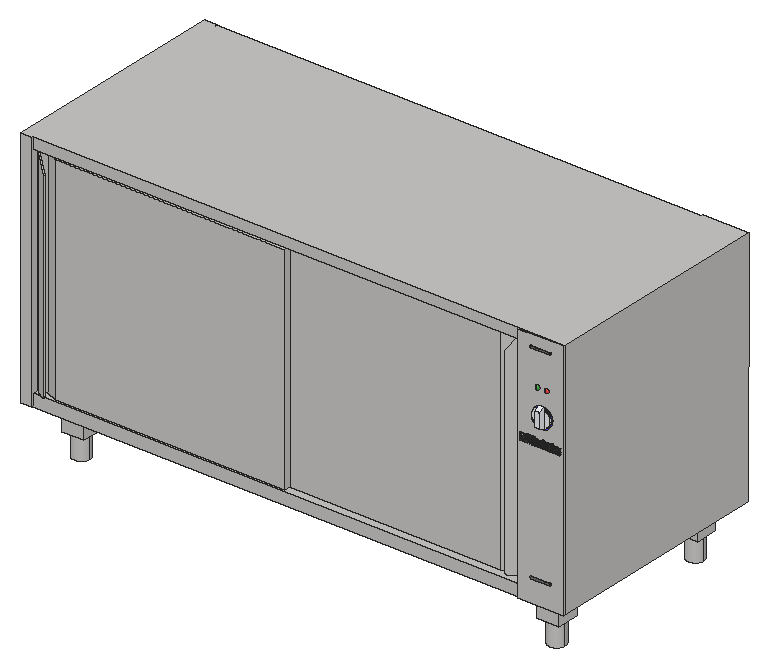
Revit family "QF_ELECTROLUXPROFESSIONAL_121909_TE2SE16DA", category Attrezzature speciali, Revit 2020
Family settings
  Quota connettore circolare = Usa diametro
  Tipo di parte = Normale
  Basato su piano di lavoro = No
  Sempre verticale = Sì
  Taglio con vuoti quando caricato = No
  Condiviso = No
  Punto di calcolo locali = No
Parameters (values of type "Standard")
  Weight = 122.00 kg
  Watts = 1800 W
  Volts = 230 V
  URL Manufacturer = "https://www.electroluxprofessional.com/"
  URL = "https://www.electroluxprofessional.com/"
  Steam Supply Size = 0 mm
  Steam Supply Minimum Pressure = 0.0 Pa
  Steam Supply Maximum Pressure = 0.0 Pa
  Steam Consumption per Hour = 0
  Refrigeration Suction Line Size = 0.0 mm
  Refrigeration Liquid Line Size = 0.0 mm
  Refrigerant Compressor Remote = yes
  Prospetto di default = 0.0 mm
  Phase = 1
  Modello = "TE2SE16DA"
  Produttore = "Electrolux Professional"
  Length Actual = 1600.0 mm  # constant formula
  Item Number = "121909"
  Hot Water Size = 0 mm
  Height Actual = 860.0 mm  # constant formula
  HP = "2.4 HP"
  Gas Size = 0 mm
  Gas KW = 0
  Gas Input Pressure = 0 W
  Direct Waste Size = 0 mm
  Descrizione = "HOT CUPB.PASSTH.2+2 SLIDING DOORS 1600MM"
  Depth Actual = 680.0 mm  # constant formula
  Cycle = 50 Hz
  Condensate Return Size = 0 mm
  Compressed Air Volume = 0.0 L/s
  Compressed Air Size = 0 mm
  Compressed Air Pressure = 0.0 Pa
  Cold Water Size = 0 mm
  Accessory = yes
Reference planes
  plane 1 "Center (Front/Back)": y = 0
  plane 2: z = 0
  plane 3 "Center (Left/Right)": x = -300
  plane 4 "LEFT": x = -1100
  plane 5 "RIGHT": x = 500
  plane 6 "BACK": y = 340
  plane 7 "FRONT": y = -340
  plane 8 "Base": z = 860
  plane 9 "TOP": z = 900
  plane 10: x = -1000
  plane 11: x = 400
  plane 12: y = 270
  plane 13: y = -240
  plane 14 "FEET": z = 150
  plane 15: x = -1066
  plane 16: y = -337
  plane 17: y = 310
  plane 18: x = 366
  plane 19 "EIy": x = 468
  plane 20 "EIx": y = -90
  plane 21: y = 337
Forms (mm)
  Extrusion 1, solid, material "QF_Finishes_Stainless Steel"
    sketch origin (0, 0, 150) x (-1, 0, 0) y (0, -1, 0)
      loop
        line (1100, -340) -> (1100, 340) -> (1066, 340) -> (1066, -340) -> (1100, -340)
      loop
        line (-366, -340) -> (-366, 337) -> (-500, 337) -> (-500, -340) -> (-366, -340)
    from 0 to 710
  Extrusion 2, solid, material "QF_Finishes_Stainless Steel"
    sketch origin (0, 0, 150) x (-1, 0, 0) y (0, -1, 0)
      loop
        line (1066, -310) -> (1066, 337) -> (-366, 337) -> (-366, -310) -> (1066, -310)
    from 0 to 35
  Extrusion 3, solid, material "QF_Finishes_Stainless Steel"
    sketch origin (0, 0, 0) x (1, 0, 0) y (0, 1, 0)
      loop
        line (-1066, -337) -> (366, -337) -> (366, 337) -> (-1066, 337) -> (-1066, -337)
    from 830 to 860
  Extrusion 4, solid, material "QF_Finishes_Stainless Steel"
    sketch origin (0, -340, 0) x (-1, 0, 0) y (0, 0, 1)
      loop
        line (301, 185) -> (301, 187) -> (299, 187) -> (299, 185) -> (301, 185)
    from 45 to 43
  Extrusion 5, solid, material "QF_Finishes_Stainless Steel"
    sketch origin (0, 0, 150) x (-1, 0, 0) y (0, -1, 0)
      loop
        circle (-468, 90) r 10
    from 0 to -5
  Extrusion 6, solid, material "QF_Finishes_Stainless Steel"
    sketch origin (0, 0, 150) x (-1, 0, 0) y (0, -1, 0)
      loop
        line (376.5, 317) -> (-298, 317) -> (-333, 302) -> (-363, 302) -> (-363, 297) -> (376.5, 297) -> (376.5, 317)
    from 675 to 40
  Extrusion 7, solid, material "QF_Finishes_Stainless Steel"
    sketch origin (0, 0, 150) x (-1, 0, 0) y (0, -1, 0)
      loop
        line (-321, 331) -> (-349, 316) -> (-363, 302) -> (-360.172, 302) -> (-347.795, 314.377) -> (-320.056, 329.237) -> (-321, 331)
    from 675 to 40
  Extrusion 8, solid, material "QF_Finishes_Stainless Steel"
    sketch origin (0, 0, 150) x (-1, 0, 0) y (0, -1, 0)
      loop
        line (323.481, 337) -> (323.481, 317) -> (1063, 317) -> (1063, 322) -> (1033, 322) -> (998, 337) -> (323.481, 337)
    from 675 to 40
  Extrusion 9, solid, material "QF_Finishes_Stainless Steel"
    sketch origin (0, 0, 150) x (-1, 0, 0) y (0, -1, 0)
      loop
        line (1021, 351) -> (1020.056, 349.237) -> (1047.795, 334.377) -> (1060.172, 322) -> (1063, 322) -> (1049, 336) -> (1021, 351)
    from 675 to 40
  Extrusion 10, solid, material "QF_Finishes_Stainless Steel"
    sketch origin (0, 340, 0) x (-1, 0, 0) y (0, 0, -1)
      loop
        line (301, -185) -> (299, -185) -> (299, -187) -> (301, -187) -> (301, -185)
    from 45 to 43
  Extrusion 11, solid, material "QF_Finishes_Stainless Steel"
    sketch origin (0, 0, 150) x (-1, 0, 0) y (0, -1, 0)
      loop
        line (376.5, -317) -> (376.5, -297) -> (-363, -297) -> (-363, -302) -> (-333, -302) -> (-298, -317) -> (376.5, -317)
    from 675 to 40
  Extrusion 12, solid, material "QF_Finishes_Stainless Steel"
    sketch origin (0, 0, 150) x (-1, 0, 0) y (0, -1, 0)
      loop
        line (-321, -331) -> (-320.056, -329.237) -> (-347.795, -314.377) -> (-360.172, -302) -> (-363, -302) -> (-349, -316) -> (-321, -331)
    from 675 to 40
  Extrusion 13, solid, material "QF_Finishes_Stainless Steel"
    sketch origin (0, 0, 150) x (-1, 0, 0) y (0, -1, 0)
      loop
        line (323.481, -337) -> (998, -337) -> (1033, -322) -> (1063, -322) -> (1063, -317) -> (323.481, -317) -> (323.481, -337)
    from 675 to 40
  Extrusion 14, solid, material "QF_Finishes_Stainless Steel"
    sketch origin (0, 0, 150) x (-1, 0, 0) y (0, -1, 0)
      loop
        line (1021, -351) -> (1049, -336) -> (1063, -322) -> (1060.172, -322) -> (1047.795, -334.377) -> (1020.056, -349.237) -> (1021, -351)
    from 675 to 40
  Extrusion 15, void
    sketch origin (-318.5, -342.5, 2435) x (-1, 0, 0) y (0, 0, 1)
      loop
        line (697, -1610) -> (697, -1661.75) -> (731.5, -1610) -> (697, -1610)
      loop
        line (701.556, -2245) -> (711.556, -2245)
        arc (711.556, -2245) -> (704.484, -2242.071) -> (701.556, -2235) r 10
        line (701.556, -2235) -> (701.556, -2245)
    from -13.118 to 9.689
  Extrusion 16, void
    sketch origin (-318.5, 342.5, 2436.5) x (-1, 0, 0) y (0, 0, -1)
      loop
        line (697, 1610) -> (731.5, 1610) -> (697, 1661.75) -> (697, 1610)
      loop
        line (701.556, 2245) -> (701.556, 2235)
        arc (701.556, 2235) -> (704.484, 2242.071) -> (711.556, 2245) r 10
        line (711.556, 2245) -> (701.556, 2245)
    from -13.118 to 9.689
  Extrusion 17, void
    sketch origin (-481.5, -342.5, 2430) x (1, 0, 0) y (0, 0, -1)
      loop
        line (797, 1605) -> (831.5, 1605) -> (797, 1656.75) -> (797, 1605)
      loop
        line (801.556, 2240) -> (801.556, 2230)
        arc (801.556, 2230) -> (804.484, 2237.071) -> (811.556, 2240) r 10
        line (811.556, 2240) -> (801.556, 2240)
    from 5.5 to 29.918
  Extrusion 18, void
    sketch origin (-481.5, 342.5, 2430) x (1, 0, 0) y (0, 0, 1)
      loop
        line (797, -1605) -> (797, -1656.75) -> (831.5, -1605) -> (797, -1605)
      loop
        line (801.556, -2240) -> (811.556, -2240)
        arc (811.556, -2240) -> (804.484, -2237.071) -> (801.556, -2230) r 10
        line (801.556, -2230) -> (801.556, -2240)
    from 5.5 to 29.918
Cuts and joins
  joined: Extrusion 1, Extrusion 3
  Extrusion 17 cuts Extrusion 7
  Extrusion 15 cuts Extrusion 9
  Extrusion 16 cuts Extrusion 14
  Extrusion 18 cuts Extrusion 12
Lines and regions (mm)
  symbolic lines, style "SpecialityEquipmentHiddenLines"
    curve 1: line (500, -340, 900) -> (500, 340, 900)
    curve 2: line (-1100, -344.5, 150) -> (-1100, 340, 150)
    curve 3: line (-1100, -340, 150) -> (-1066, -340, 150)
    curve 4: line (-1066, -340, 150) -> (-1066, -337, 150)
    curve 5: line (-1066, -337, 150) -> (366, -337, 150)
    curve 6: line (366, -337, 150) -> (366, -340, 150)
    curve 7: line (366, -340, 150) -> (500, -340, 150)
    curve 8: line (368, -340, 1600) -> (368, -337, 1600)
    curve 10: line (-1068, -337, 1600) -> (-1068, -340, 1600)
    curve 11: line (366, -297, 200) -> (-376.5, -297, 200)
    curve 12: line (-376.5, -297, 200) -> (-376.5, -317, 200)
    curve 13: line (299, -317, 200) -> (-1063, -317, 200)
    curve 17: line (-323.5, -317, 200) -> (-323.5, -337, 200)
    curve 18: line (298, -317, 1600) -> (333, -302, 1600)
    curve 19: line (333, -302, 1600) -> (363, -302, 1600)
    curve 20: line (363, -302, 1600) -> (363, -297, 1600)
    curve 21: line (320.958, -331.023, 1600) -> (348.999, -316.001, 1600)
    curve 22: line (348.999, -316.001, 1600) -> (363, -302, 1600)
    curve 23: line (360.172, -302, 1600) -> (347.795, -314.377, 1600)
    curve 24: line (347.795, -314.377, 1600) -> (319.992, -329.271, 1600)
    curve 25: line (319.992, -329.271, 1600) -> (320.958, -331.023, 1600)
    curve 26: line (-1063, -317, 1600) -> (-1063, -322, 1600)
    curve 27: line (-1063, -322, 1600) -> (-1049, -336, 1600)
    curve 28: line (-1049, -336, 1600) -> (-1047.133, -337, 1600)
    curve 29: line (-1042.884, -337, 1600) -> (-1047.955, -334.283, 1600)
    curve 30: line (-1047.955, -334.283, 1600) -> (-1060.239, -322, 1600)
    curve 31: line (-998, -337, 1600) -> (-1033, -322, 1600)
    curve 32: line (-1033, -322, 1600) -> (-1063, -322, 1600)
    curve 33: line (-1100, 340, 150) -> (-1066, 340, 150)
    curve 34: line (-1066, 340, 150) -> (-1066, 337, 150)
    curve 35: line (-1066, 337, 150) -> (366, 337, 150)
    curve 36: line (366, 337, 150) -> (366, 340, 150)
    curve 37: line (366, 340, 150) -> (500, 340, 150)
    curve 38: line (368, 340, 1600) -> (368, 337, 1600)
    curve 40: line (-1068, 337, 1600) -> (-1068, 340, 1600)
    curve 41: line (366, 297, 200) -> (-376.5, 297, 200)
    curve 42: line (-376.5, 297, 200) -> (-376.5, 317, 200)
    curve 43: line (299, 317, 200) -> (-1063, 317, 200)
    curve 47: line (-323.5, 317, 200) -> (-323.5, 337, 200)
    curve 48: line (298, 317, 1600) -> (333, 302, 1600)
    curve 49: line (333, 302, 1600) -> (363, 302, 1600)
    curve 50: line (363, 302, 1600) -> (363, 297, 1600)
    curve 51: line (320.958, 331.023, 1600) -> (348.999, 316.001, 1600)
    curve 52: line (348.999, 316.001, 1600) -> (363, 302, 1600)
    curve 53: line (360.172, 302, 1600) -> (347.795, 314.377, 1600)
    curve 54: line (347.795, 314.377, 1600) -> (319.992, 329.271, 1600)
    curve 55: line (319.992, 329.271, 1600) -> (320.958, 331.023, 1600)
    curve 56: line (-1063, 317, 1600) -> (-1063, 322, 1600)
    curve 57: line (-1063, 322, 1600) -> (-1049, 336, 1600)
    curve 58: line (-1049, 336, 1600) -> (-1047.133, 337, 1600)
    curve 59: line (-1042.884, 337, 1600) -> (-1047.955, 334.283, 1600)
    curve 60: line (-1047.955, 334.283, 1600) -> (-1060.239, 322, 1600)
    curve 61: line (-998, 337, 1600) -> (-1033, 322, 1600)
    curve 62: line (-1033, 322, 1600) -> (-1063, 322, 1600)
  symbolic lines, style "SpecialityEquipment"
    curve 9: line (368, -337, 1600) -> (-1068, -337, 1600)
    curve 14: line (-1047.133, -337, 1600) -> (-1020.985, -351.008, 1600)
    curve 15: line (-1020.985, -351.008, 1600) -> (-1020.038, -349.239, 1600)
    curve 16: line (-1042.884, -337, 1600) -> (-1020.038, -349.239, 1600)
    curve 39: line (368, 337, 1600) -> (-1068, 337, 1600)
    curve 44: line (-1047.133, 337, 1600) -> (-1020.985, 351.008, 1600)
    curve 45: line (-1020.985, 351.008, 1600) -> (-1020.038, 349.239, 1600)
    curve 46: line (-1042.884, 337, 1600) -> (-1020.038, 349.239, 1600)
Dimensions and locks
  plane 4 "LEFT" to plane 5 "RIGHT" = 1600.0 mm
  equal spacing: plane 4 "LEFT", plane 3 "Center (Left/Right)", plane 5 "RIGHT"
  plane 6 "BACK" to plane 7 "FRONT" = 680.0 mm
  equal spacing: plane 6 "BACK", plane 1 "Center (Front/Back)", plane 7 "FRONT"
  locked: plane 14 "FEET" to level at 150
  locked: plane 4 "LEFT" to plane 10 at 100
  locked: plane 11 to plane 5 "RIGHT" at 100
  locked: plane 4 "LEFT" to plane 15 at 34
  plane 16 to plane 7 "FRONT" = 3.0 mm
  plane 6 "BACK" to plane 17 = 30.0 mm
  locked: plane 6 "BACK" to plane 12 at 70
  locked: plane 13 to plane 7 "FRONT" at 100
  locked: plane 8 "Base" to level at 860
  locked: plane 9 "TOP" to level at 900
  locked: plane 18 to plane 5 "RIGHT" at 134
  locked: plane 19 "EIy" to plane 5 "RIGHT" at 32
  locked: plane 20 "EIx" to plane 7 "FRONT" at 250
  aligned and locked: level to plane 2
  aligned and locked: plane 10 to nested 1
  aligned and locked: plane 11 to nested 2
  aligned and locked: nested 4 to plane 12
  aligned and locked: plane 10 to nested 3
  aligned and locked: nested 3 to plane 12
  aligned and locked: plane 8 "Base" to Extrusion 1
  aligned and locked: plane 6 "BACK" to Extrusion 1 sketch curve
  aligned and locked: Extrusion 1 sketch curve to plane 6 "BACK"
  aligned and locked: Extrusion 1 sketch curve to plane 7 "FRONT"
  aligned and locked: plane 15 to Extrusion 1
  aligned and locked: Extrusion 2 to plane 15
  aligned and locked: plane 8 "Base" to Extrusion 3
  aligned and locked: Extrusion 2 to plane 16
  aligned and locked: Extrusion 2 to plane 17
  aligned and locked: Extrusion 3 to plane 16
  aligned and locked: nested 1 to plane 13
  aligned and locked: nested 2 to plane 13
  aligned and locked: plane 18 to Extrusion 3
  aligned and locked: Extrusion 2 sketch curve to plane 18
  aligned and locked: plane 11 to nested 4
Automatic sketch dimensions
  curve 1 to plane 5 "RIGHT" = 0.0 mm
  curve 1 to plane 7 "FRONT" = 0.0 mm
  curve 1 to plane 6 "BACK" = 0.0 mm
  Extrusion 1 sketch curve to plane 5 "RIGHT" = 0.0 mm
  Extrusion 1 sketch curve to plane 16 = 0.0 mm
  Extrusion 1 sketch curve to plane 18 = 0.0 mm
  Extrusion 1 sketch curve to plane 15 = 0.0 mm
  Extrusion 1 sketch curve to plane 4 "LEFT" = 0.0 mm
  Extrusion 2 sketch curve to plane 15 = 0.0 mm
  plane 17 to Extrusion 2 sketch curve = 0.0 mm
  Extrusion 2 sketch curve to plane 16 = 0.0 mm
  curve 7 to plane 5 "RIGHT" = 0.0 mm
  curve 37 to plane 5 "RIGHT" = 0.0 mm
  curve 37 to plane 6 "BACK" = 0.0 mm
  curve 37 to plane 18 = 0.0 mm
  curve 7 to plane 7 "FRONT" = 0.0 mm
  curve 7 to plane 18 = 0.0 mm
  curve 5 to plane 15 = 0.0 mm
  curve 33 to plane 6 "BACK" = 0.0 mm
  curve 33 to plane 15 = 0.0 mm
  curve 2 to plane 4 "LEFT" = 0.0 mm
  curve 34 to plane 21 = 0.0 mm
  curve 4 to plane 16 = 0.0 mm
  curve 4 to plane 7 "FRONT" = 0.0 mm
  curve 3 to curve 2 = 4.5 mm
  Extrusion 3 sketch curve to plane 15 = 0.0 mm
  Extrusion 3 sketch curve to plane 18 = 0.0 mm
  Extrusion 3 sketch curve to plane 16 = 0.0 mm
  Extrusion 3 sketch curve to plane 21 = 0.0 mm
  plane 3 "Center (Left/Right)" to Extrusion 4 sketch curve = 1.0 mm
  Extrusion 4 sketch curve to plane 3 "Center (Left/Right)" = 1.0 mm
  plane 14 "FEET" to Extrusion 4 sketch curve = 35.0 mm
  Extrusion 4 sketch curve to Extrusion 4 sketch curve = 2.0 mm
  Extrusion 5 sketch curve to plane 19 "EIy" = 0.0 mm
  Extrusion 5 sketch curve to plane 20 "EIx" = 0.0 mm
  Extrusion 6 sketch curve to plane 18 = 3.0 mm
  Extrusion 6 sketch curve to Extrusion 6 sketch curve = 30.0 mm
  Extrusion 6 sketch curve to Extrusion 6 sketch curve = 35.0 mm
  Extrusion 6 sketch curve to plane 3 "Center (Left/Right)" = 76.5 mm
  plane 16 to Extrusion 6 sketch curve = 40.0 mm
  Extrusion 6 sketch curve to Extrusion 6 sketch curve = 5.0 mm
  Extrusion 6 sketch curve to Extrusion 6 sketch curve = 20.0 mm
  Extrusion 7 sketch curve to plane 18 = 3.0 mm
  Extrusion 7 sketch curve to Extrusion 7 sketch curve = 2.828 mm
  Extrusion 7 sketch curve to plane 18 = 17.0 mm
  Extrusion 7 sketch curve to Extrusion 7 sketch curve = 1.205 mm
  plane 16 to Extrusion 7 sketch curve = 6.0 mm
  Extrusion 7 sketch curve to Extrusion 7 sketch curve = 26.795 mm
  plane 16 to Extrusion 7 sketch curve = 7.763 mm
  Extrusion 7 sketch curve to Extrusion 7 sketch curve = 0.944 mm
  Extrusion 7 sketch curve to Extrusion 7 sketch curve = 12.377 mm
  Extrusion 8 sketch curve to plane 16 = 0.0 mm
  Extrusion 8 sketch curve to plane 3 "Center (Left/Right)" = 23.481 mm
  plane 10 to Extrusion 8 sketch curve = 2.0 mm
  plane 16 to Extrusion 8 sketch curve = 15.0 mm
  Extrusion 8 sketch curve to plane 10 = 33.0 mm
  plane 15 to Extrusion 8 sketch curve = 3.0 mm
  Extrusion 8 sketch curve to Extrusion 8 sketch curve = 20.0 mm
  Extrusion 9 sketch curve to plane 10 = 20.056 mm
  Extrusion 9 sketch curve to plane 7 "FRONT" = 11.0 mm
  Extrusion 9 sketch curve to Extrusion 9 sketch curve = 0.944 mm
  plane 16 to Extrusion 9 sketch curve = 2.623 mm
  plane 15 to Extrusion 9 sketch curve = 18.205 mm
  plane 16 to Extrusion 9 sketch curve = 1.0 mm
  plane 15 to Extrusion 9 sketch curve = 5.828 mm
  Extrusion 9 sketch curve to Extrusion 9 sketch curve = 2.828 mm
  plane 16 to Extrusion 9 sketch curve = 15.0 mm
  curve 8 to plane 7 "FRONT" = 0.0 mm
  curve 8 to plane 16 = 0.0 mm
  curve 39 to plane 21 = 0.0 mm
  curve 38 to plane 6 "BACK" = 0.0 mm
  curve 10 to plane 7 "FRONT" = 0.0 mm
  curve 40 to plane 6 "BACK" = 0.0 mm
  plane 18 to curve 8 = 2.0 mm
  plane 18 to curve 39 = 2.0 mm
  curve 22 to plane 18 = 3.0 mm
  curve 52 to plane 18 = 3.0 mm
  curve 51 to plane 17 = 6.001 mm
  curve 51 to plane 18 = 17.001 mm
  curve 22 to plane 18 = 17.001 mm
  curve 53 to plane 17 = 4.377 mm
  curve 51 to curve 53 = 1.204 mm
  curve 21 to curve 24 = 1.204 mm
  plane 17 to curve 48 = 8.0 mm
  curve 53 to curve 48 = 14.795 mm
  curve 23 to curve 18 = 14.795 mm
  plane 16 to curve 25 = 5.977 mm
  curve 18 to curve 25 = 12.042 mm
  curve 55 to plane 21 = 5.977 mm
  curve 48 to curve 55 = 12.042 mm
  curve 55 to plane 21 = 7.729 mm
  curve 51 to curve 55 = 0.966 mm
  plane 16 to curve 24 = 7.729 mm
  curve 21 to curve 24 = 0.966 mm
  curve 15 to plane 7 "FRONT" = 9.239 mm
  curve 15 to plane 10 = 20.038 mm
  plane 6 "BACK" to curve 46 = 9.239 mm
  curve 46 to plane 10 = 20.038 mm
  curve 15 to plane 7 "FRONT" = 11.008 mm
  curve 15 to curve 15 = 0.948 mm
  plane 6 "BACK" to curve 44 = 11.008 mm
  curve 45 to curve 44 = 0.948 mm
  curve 62 to curve 46 = 9.884 mm
  plane 16 to curve 31 = 15.0 mm
  curve 31 to curve 16 = 9.884 mm
  curve 60 to plane 21 = 2.717 mm
  curve 44 to curve 60 = 0.822 mm
  plane 16 to curve 29 = 2.717 mm
  curve 14 to curve 29 = 0.822 mm
  curve 57 to plane 21 = 1.0 mm
  curve 59 to curve 57 = 1.045 mm
  plane 16 to curve 27 = 1.0 mm
  curve 29 to curve 27 = 1.045 mm
  plane 15 to curve 56 = 3.0 mm
  plane 15 to curve 32 = 3.0 mm
  curve 40 to plane 15 = 2.0 mm
  curve 9 to plane 15 = 2.0 mm
  curve 61 to plane 17 = 12.0 mm
  curve 19 to curve 24 = 27.271 mm
  curve 23 to curve 23 = 12.377 mm
  curve 23 to curve 21 = 1.624 mm
  curve 49 to curve 53 = 2.828 mm
  curve 19 to curve 23 = 2.828 mm
  curve 48 to plane 17 = 7.0 mm
  curve 54 to curve 48 = 21.992 mm
  plane 16 to curve 18 = 20.0 mm
  curve 24 to curve 18 = 21.992 mm
  plane 10 to curve 61 = 2.0 mm
  plane 10 to curve 31 = 2.0 mm
  curve 59 to curve 46 = 0.0 mm
  curve 29 to curve 16 = 0.0 mm
  curve 58 to curve 44 = 0.0 mm
  curve 28 to curve 14 = 0.0 mm
  curve 60 to curve 56 = 2.761 mm
  curve 30 to curve 26 = 2.761 mm
  curve 56 to curve 56 = 5.0 mm
  curve 49 to curve 50 = 5.0 mm
  curve 20 to curve 19 = 5.0 mm
  curve 26 to curve 26 = 5.0 mm
  curve 11 to plane 18 = 0.0 mm
  curve 41 to plane 18 = 0.0 mm
  curve 17 to plane 16 = 0.0 mm
  curve 47 to plane 21 = 0.0 mm
  plane 17 to curve 41 = 13.0 mm
  curve 41 to plane 3 "Center (Left/Right)" = 76.5 mm
  curve 11 to plane 3 "Center (Left/Right)" = 76.5 mm
  plane 16 to curve 11 = 40.0 mm
  plane 16 to curve 13 = 20.0 mm
  curve 13 to plane 18 = 67.0 mm
  curve 43 to plane 17 = 7.0 mm
  curve 43 to plane 18 = 67.0 mm
  curve 17 to plane 3 "Center (Left/Right)" = 23.5 mm
  curve 47 to plane 3 "Center (Left/Right)" = 23.5 mm
  plane 15 to curve 13 = 3.0 mm
  plane 15 to curve 43 = 3.0 mm
  plane 3 "Center (Left/Right)" to Extrusion 10 sketch curve = 1.0 mm
  Extrusion 10 sketch curve to plane 3 "Center (Left/Right)" = 1.0 mm
  plane 14 "FEET" to Extrusion 10 sketch curve = 37.0 mm
  Extrusion 10 sketch curve to Extrusion 10 sketch curve = 2.0 mm
  plane 18 to Extrusion 11 sketch curve = 3.0 mm
  Extrusion 11 sketch curve to plane 17 = 8.0 mm
  Extrusion 11 sketch curve to Extrusion 11 sketch curve = 30.0 mm
  plane 17 to Extrusion 11 sketch curve = 7.0 mm
  Extrusion 11 sketch curve to Extrusion 11 sketch curve = 35.0 mm
  Extrusion 11 sketch curve to plane 17 = 13.0 mm
  plane 3 "Center (Left/Right)" to Extrusion 11 sketch curve = 76.5 mm
  plane 18 to Extrusion 12 sketch curve = 3.0 mm
  Extrusion 12 sketch curve to Extrusion 12 sketch curve = 2.828 mm
  plane 17 to Extrusion 12 sketch curve = 6.0 mm
  plane 18 to Extrusion 12 sketch curve = 17.0 mm
  plane 17 to Extrusion 12 sketch curve = 4.377 mm
  Extrusion 12 sketch curve to Extrusion 12 sketch curve = 1.205 mm
  plane 21 to Extrusion 12 sketch curve = 6.0 mm
  Extrusion 12 sketch curve to Extrusion 12 sketch curve = 26.795 mm
  Extrusion 12 sketch curve to plane 17 = 8.0 mm
  Extrusion 13 sketch curve to plane 21 = 0.0 mm
  plane 3 "Center (Left/Right)" to Extrusion 13 sketch curve = 23.481 mm
  Extrusion 13 sketch curve to plane 10 = 2.0 mm
  plane 17 to Extrusion 13 sketch curve = 12.0 mm
  plane 10 to Extrusion 13 sketch curve = 33.0 mm
  Extrusion 13 sketch curve to plane 15 = 3.0 mm
  plane 17 to Extrusion 13 sketch curve = 7.0 mm
  plane 10 to Extrusion 14 sketch curve = 20.056 mm
  Extrusion 14 sketch curve to plane 6 "BACK" = 11.0 mm
  Extrusion 14 sketch curve to Extrusion 14 sketch curve = 0.944 mm
  plane 21 to Extrusion 14 sketch curve = 2.623 mm
  Extrusion 14 sketch curve to plane 15 = 18.205 mm
  plane 21 to Extrusion 14 sketch curve = 1.0 mm
  Extrusion 14 sketch curve to plane 15 = 5.828 mm
  Extrusion 14 sketch curve to Extrusion 14 sketch curve = 2.828 mm
  plane 17 to Extrusion 14 sketch curve = 12.0 mm
  Extrusion 15 sketch curve to plane 10 = 15.5 mm
  Extrusion 15 sketch curve to plane 10 = 20.056 mm
  Extrusion 15 sketch curve to Extrusion 15 sketch curve = 10.0 mm
  plane 15 to Extrusion 15 sketch curve = 16.0 mm
  plane 14 "FEET" to Extrusion 15 sketch curve = 40.0 mm
  Extrusion 15 sketch curve to plane 8 "Base" = 86.75 mm
  Extrusion 15 sketch curve to plane 8 "Base" = 35.0 mm
  Extrusion 16 sketch curve to plane 10 = 15.5 mm
  Extrusion 16 sketch curve to plane 10 = 20.056 mm
  Extrusion 16 sketch curve to Extrusion 16 sketch curve = 10.0 mm
  plane 15 to Extrusion 16 sketch curve = 16.0 mm
  Extrusion 16 sketch curve to plane 8 "Base" = 33.5 mm
  Extrusion 16 sketch curve to Extrusion 16 sketch curve = 51.75 mm
  plane 14 "FEET" to Extrusion 16 sketch curve = 51.5 mm
  Extrusion 17 sketch curve to plane 18 = 50.5 mm
  Extrusion 17 sketch curve to plane 18 = 45.944 mm
  Extrusion 17 sketch curve to Extrusion 17 sketch curve = 10.0 mm
  Extrusion 17 sketch curve to plane 18 = 16.0 mm
  Extrusion 17 sketch curve to plane 8 "Base" = 35.0 mm
  Extrusion 17 sketch curve to Extrusion 17 sketch curve = 51.75 mm
  plane 14 "FEET" to Extrusion 17 sketch curve = 50.0 mm
  Extrusion 18 sketch curve to plane 18 = 50.5 mm
  Extrusion 18 sketch curve to plane 18 = 45.944 mm
  Extrusion 18 sketch curve to Extrusion 18 sketch curve = 10.0 mm
  Extrusion 18 sketch curve to plane 18 = 16.0 mm
  plane 14 "FEET" to Extrusion 18 sketch curve = 40.0 mm
  Extrusion 18 sketch curve to plane 8 "Base" = 86.75 mm
  Extrusion 18 sketch curve to plane 8 "Base" = 35.0 mm
  radius of Extrusion 5 sketch curve = 10.0 mm
Nested families
  nested 1: "FEET_L65-150" at (-1000, -240, 0), type "FEET_L65-150"
  nested 2: "FEET_L65-150" at (400, -240, 0), type "FEET_L65-150"
  nested 3: "FEET_L65-150" at (-1000, 270, 0), type "FEET_L65-150"
  nested 4: "FEET_L65-150" at (400, 270, 0), type "FEET_L65-150"
  nested 5: "PANEL_ELX_HOTCUP_134" at (396.958, -337, 150) x (1, 0, 0) z (0, -1, 0), type "PANEL_ELX_HOTCUP_134"
    with Width 134.0 mm, Show Clearance yes
Connectors
  electrical at (468, -90, 145), driven by "Volts"
    settings: on Extrusion 5, index 1, voltage 230 V, apparent load 0 VA, apparent load phase1 0 VA, apparent load phase2 0 VA, apparent load phase3 0 VA, power factor 1, load classification "Other", number of poles 1, system type 30, power factor state 1, is connector primary yes, connector utility no, sub classification motor no, connector description "Electrical Connection"
Definition of nested family "FEET_L65-150"
  Parameters
    Default Elevation = 0.0 mm
    FEET = 150.0 mm
  Reference planes
    plane 1 "Center (Front/Back)": y = 0
    plane 2: z = 0
    plane 3 "Center (Left/Right)": x = 0
    plane 4: z = 150
  Forms (mm)
    Extrusion 1, solid
      sketch origin (0, 0, 0) x (1, 0, 0) y (0, 1, 0)
        loop
          circle (0, 0) r 25
      from 0 to 67
    Extrusion 2, solid
      sketch origin (0, 0, 0) x (1, 0, 0) y (0, 1, 0)
        loop
          line (32.561, 32.5) -> (-32.439, 32.5) -> (-32.439, -32.5) -> (32.561, -32.5) -> (32.561, 32.5)
      from 67 to 150 <- "FEET"
  Lines and regions (mm)
    symbolic lines
      curve 1: line (0, -1.503, 0) -> (0, 1.508, 0)
      curve 2: line (1.561, 0, 0) -> (-1.439, 0, 0)
  Dimensions and locks
    "FEET": plane 4 to plane 2
    aligned and locked: level to plane 2
  Automatic sketch dimensions
    plane 1 "Center (Front/Back)" to Extrusion 1 sketch curve = 0.0 mm
    Extrusion 1 sketch curve to plane 3 "Center (Left/Right)" = 0.0 mm
    plane 1 "Center (Front/Back)" to curve 2 = 0.0 mm
    curve 1 to plane 3 "Center (Left/Right)" = 0.0 mm
    curve 2 to plane 3 "Center (Left/Right)" = 1.439 mm
    plane 3 "Center (Left/Right)" to curve 2 = 1.561 mm
    plane 1 "Center (Front/Back)" to curve 1 = 1.503 mm
    curve 1 to plane 1 "Center (Front/Back)" = 1.508 mm
    Extrusion 2 sketch curve to plane 1 "Center (Front/Back)" = 32.5 mm
    Extrusion 2 sketch curve to plane 3 "Center (Left/Right)" = 32.439 mm
    plane 3 "Center (Left/Right)" to Extrusion 2 sketch curve = 32.561 mm
    plane 1 "Center (Front/Back)" to Extrusion 2 sketch curve = 32.5 mm
    radius of Extrusion 1 sketch curve = 25.0 mm
Definition of nested family "PANEL_ELX_HOTCUP_134"
  Parameters
    Width [instance] = 134.0 mm
    Show Clearance [instance] = yes
    Model = "727995"
    Height = 710.0 mm
    Default Elevation = 0.0 mm
  Reference planes
    plane 1 "Center (Front/Back)": y = 0
    plane 2: z = 0
    plane 3 "Center (Left/Right)": x = 36.042
    plane 4 "panel": z = 3
    plane 5 "Left": x = -30.958
    plane 6 "Right": x = 103.042
    plane 7: y = 710
    plane 8 "L1": x = 26.042
    plane 9 "L2": x = 54.042
    plane 10: y = 575
  Forms (mm)
    Extrusion 1, solid
      sketch origin (0, -919.2, 0) x (1, 0, 0) y (0, 1, 0)
        loop
          line (-980.5, 2119.2) -> (-980.5, -162.846) -> (881.94, -162.846) -> (881.94, 2119.2) -> (-980.5, 2119.2)
      from 0 to -59.546
    Extrusion 2, solid
      sketch origin (36.042, -190, 0) x (0, 1, 0) y (0, 0, 1)
        loop
          line (190, 3) -> (190, 0) -> (900, 0) -> (900, 3) -> (190, 3)
      from 67 to -67
    Extrusion 3, solid
      sketch origin (0, 0, 0) x (1, 0, 0) y (0, 1, 0)
        loop
          line (9.042, 673.5) -> (63.042, 673.5)
          arc (63.042, 673.5) -> (66.042, 676.5) -> (63.042, 679.5) r 3
          line (63.042, 679.5) -> (9.042, 679.5)
          arc (9.042, 679.5) -> (6.042, 676.5) -> (9.042, 673.5) r 3
        loop
          line (9.042, 65) -> (63.042, 65)
          arc (63.042, 65) -> (66.042, 68) -> (63.042, 71) r 3
          line (63.042, 71) -> (9.042, 71)
          arc (9.042, 71) -> (6.042, 68) -> (9.042, 65) r 3
      from 3 to 4.6
    Extrusion 4, solid
      sketch origin (0, 0, 0) x (1, 0, 0) y (0, 1, 0)
        loop
          circle (40.042, 500) r 30
      from 0 to 5
    Extrusion 5, solid
      sketch origin (0, 0, 0) x (1, 0, 0) y (0, 1, 0)
        loop
          circle (40.042, 500) r 26.788
      from 7 to 5
    Blend 6, solid
      base sketch origin (0, 0, 0) x (1, 0, 0) y (0, 1, 0)
        loop
          arc (48.106, 530.45) -> (40.022, 531.5) -> (31.94, 530.44) r 31.5
          line (31.94, 530.44) -> (31.94, 474.458)
          arc (31.94, 474.458) -> (40.023, 473.209) -> (48.106, 474.454) r 26.815
          line (48.106, 474.454) -> (48.106, 530.45)
      top sketch origin (0, 0, 0) x (1, 0, 0) y (0, 1, 0)
        loop
          arc (47.007, 520.889) -> (40.042, 522.019) -> (33.077, 520.889) r 22.019
          line (33.077, 520.889) -> (33.077, 480.699)
          arc (33.077, 480.699) -> (40.042, 479.481) -> (47.007, 480.699) r 20.519
          line (47.007, 480.699) -> (47.007, 520.889)
      from 7 to 20
    Revolve 7, solid
      sketch origin (26.042, 0, 0) x (0, 1, 0) y (0, 0, 1)
        loop
          line (575, 3) -> (581, 3)
          arc (581, 3) -> (578.606, 5.908) -> (575, 7) r 6.5
          line (575, 7) -> (575, 3)
        axis (575, 7) -> (575, 3)
      angle from 0 to 360
    Revolve 8, solid
      sketch origin (54.042, 0, 0) x (0, 1, 0) y (0, 0, 1)
        loop
          line (575, 3) -> (581, 3)
          arc (581, 3) -> (578.606, 5.908) -> (575, 7) r 6.5
          line (575, 7) -> (575, 3)
        axis (575, 7) -> (575, 3)
      angle from 0 to 360
  Dimensions and locks
    plane 4 "panel" to level = 3.0 mm
    "Width": plane 5 "Left" to plane 6 "Right"
    equal spacing: plane 5 "Left", plane 3 "Center (Left/Right)", plane 6 "Right"
    "Height": plane 1 "Center (Front/Back)" to plane 7
    aligned and locked: plane 2 to Extrusion 1
    aligned and locked: level to Extrusion 1
    aligned and locked: plane 7 to Extrusion 2
    aligned and locked: plane 6 "Right" to Extrusion 2
    aligned and locked: Extrusion 2 to plane 5 "Left"
    aligned and locked: plane 1 "Center (Front/Back)" to Extrusion 2
  Automatic sketch dimensions
    Extrusion 1 sketch curve to Extrusion 1 sketch curve = 1862.44 mm
    Extrusion 1 sketch curve to Extrusion 1 sketch curve = 2282.046 mm
    Extrusion 2 sketch curve to plane 1 "Center (Front/Back)" = 0.0 mm
    Extrusion 2 sketch curve to level = 0.0 mm
    Extrusion 2 sketch curve to plane 7 = 0.0 mm
    Extrusion 2 sketch curve to plane 4 "panel" = 0.0 mm
    Extrusion 3 sketch curve to plane 8 "L1" = 17.0 mm  (x2)
    plane 9 "L2" to Extrusion 3 sketch curve = 9.0 mm  (x2)
    Extrusion 3 sketch curve to plane 1 "Center (Front/Back)" = 65.0 mm
    Extrusion 3 sketch curve to Extrusion 3 sketch curve = 3.0 mm  (x2)
    Extrusion 3 sketch curve to plane 7 = 36.5 mm
    plane 3 "Center (Left/Right)" to Extrusion 4 sketch curve = 4.0 mm
    Extrusion 4 sketch curve to plane 10 = 75.0 mm
    plane 3 "Center (Left/Right)" to Extrusion 5 sketch curve = 4.0 mm
    Extrusion 5 sketch curve to plane 10 = 75.0 mm
    Blend 6 sketch curve to plane 3 "Center (Left/Right)" = 4.102 mm
    plane 3 "Center (Left/Right)" to Blend 6 sketch curve = 3.988 mm
    Blend 6 sketch curve to Blend 6 sketch curve = 0.012 mm
    Blend 6 sketch curve to plane 9 "L2" = 5.936 mm
    Blend 6 sketch curve to plane 10 = 100.546 mm
    Blend 6 sketch curve to Blend 6 sketch curve = 0.004 mm
    Blend 6 sketch curve to Blend 6 sketch curve = 0.024 mm
    Blend 6 sketch curve to Blend 6 sketch curve = 30.416 mm
    Blend 6 sketch curve to Blend 6 sketch curve = 0.0 mm  (x2)
    Blend 6 sketch curve to plane 3 "Center (Left/Right)" = 2.965 mm
    plane 3 "Center (Left/Right)" to Blend 6 sketch curve = 4.0 mm
    Blend 6 sketch curve to plane 9 "L2" = 7.035 mm
    Blend 6 sketch curve to plane 10 = 94.301 mm
    Blend 6 sketch curve to Blend 6 sketch curve = 19.301 mm
    Blend 6 sketch curve to Blend 6 sketch curve = 20.889 mm
    Revolve 7 sketch curve to plane 4 "panel" = 0.0 mm
    Revolve 7 sketch curve to plane 10 = 0.0 mm  (x2)
    plane 10 to Revolve 7 sketch curve = 6.0 mm
    level to Revolve 7 sketch curve = 0.5 mm
    Revolve 7 sketch curve to Revolve 7 sketch curve = 0.57 mm
    Revolve 7 sketch curve to Revolve 7 sketch curve = 2.941 mm
    Revolve 8 sketch curve to plane 4 "panel" = 0.0 mm
    Revolve 8 sketch curve to plane 10 = 0.0 mm  (x2)
    plane 10 to Revolve 8 sketch curve = 6.0 mm
    level to Revolve 8 sketch curve = 0.5 mm
    Revolve 8 sketch curve to Revolve 8 sketch curve = 0.57 mm
    Revolve 8 sketch curve to Revolve 8 sketch curve = 2.941 mm
    radius of Extrusion 4 sketch curve = 30.0 mm
    radius of Extrusion 5 sketch curve = 26.788 mm
  Nested families
    nested 1: "ELX_Professional_Logo_Small" at (36.042, 430.35, 3), type "ELX_Professional_Logo_Small"
      with Show Logo yes, Material_Logo none
  Definition of nested family "ELX_Professional_Logo_Small"
    Parameters
      Show Logo [instance] = yes
      Material_Logo [instance] = none
      Default Elevation = 0.0 mm
    Reference planes
      plane 1 "Centro (Fronte/Retro)": y = 0
      plane 2: z = 0
      plane 3 "Centro (Sinistra/Destra)": x = 0
    Forms (mm)
      Extrusion 1, solid
        sketch origin (0, 0, 0) x (1, 0, 0) y (0, 1, 0)
          loop
            line (-1219.2, 1219.2) -> (-1219.2, -1219.2) -> (1219.2, -1219.2) -> (1219.2, 1219.2) -> (-1219.2, 1219.2)
        from 0 to -304.8
      Extrusion 2, solid, material <- "Material_Logo"
        sketch origin (15.5, 0, 0) x (1, 0, 0) y (0, 1, 0)
          loop
            spline (-42.99, -1.24) -> (-43.195, -1.231) -> (-43.415, -1.203) -> (-43.642, -1.152) -> (-43.87, -1.074) -> (-44.095, -0.966) -> (-44.309, -0.825) -> (-44.506, -0.647) -> (-44.681, -0.429) -> (-44.828, -0.167) -> (-44.94, 0.142) -> (-45.011, 0.501) -> (-45.037, 0.915)
            line (-45.037, 0.915) -> (-45.037, 2.748) -> (-38.984, 2.748) -> (-38.984, 5.086) -> (-45.038, 5.086) -> (-45.038, 8.489) -> (-38.599, 8.489) -> (-38.599, 10.82) -> (-47.515, 10.82) -> (-47.515, 1.021)
            spline (-47.515, 1.021) -> (-47.493, 0.418) -> (-47.425, -0.15) -> (-47.311, -0.682) -> (-47.15, -1.175) -> (-46.939, -1.628) -> (-46.678, -2.038) -> (-46.365, -2.404) -> (-46, -2.723) -> (-45.58, -2.995) -> (-45.105, -3.216) -> (-44.573, -3.385) -> (-43.983, -3.499)
            line (-43.983, -3.499) -> (-43.01, -3.569) -> (-38.426, -3.569) -> (-38.426, -1.24) -> (-42.99, -1.24)
          loop
            line (-36.666, 4.021) -> (-36.666, -3.573) -> (-34.188, -3.573) -> (-34.188, 10.824) -> (-36.666, 10.824) -> (-36.666, 4.021)
          loop
            spline (-21.915, 1.897) -> (-21.957, 2.615) -> (-22.082, 3.303) -> (-22.285, 3.955) -> (-22.563, 4.564) -> (-22.913, 5.124) -> (-23.331, 5.629) -> (-23.814, 6.074) -> (-24.359, 6.451) -> (-24.961, 6.755) -> (-25.618, 6.98) -> (-26.326, 7.119) -> (-27.081, 7.167)
            spline (-27.081, 7.167) -> (-27.853, 7.122) -> (-28.586, 6.99) -> (-29.275, 6.774) -> (-29.915, 6.478) -> (-30.5, 6.104) -> (-31.024, 5.657) -> (-31.483, 5.138) -> (-31.871, 4.553) -> (-32.182, 3.904) -> (-32.411, 3.194) -> (-32.552, 2.427) -> (-32.6, 1.606)
            spline (-32.6, 1.606) -> (-32.553, 0.805) -> (-32.416, 0.057) -> (-32.193, -0.637) -> (-31.887, -1.271) -> (-31.504, -1.843) -> (-31.048, -2.35) -> (-30.523, -2.788) -> (-29.934, -3.154) -> (-29.284, -3.444) -> (-28.579, -3.656) -> (-27.822, -3.785) -> (-27.019, -3.829)
            spline (-27.019, -3.829) -> (-26.627, -3.82) -> (-26.239, -3.79) -> (-25.856, -3.739) -> (-25.477, -3.663) -> (-25.103, -3.562) -> (-24.734, -3.432) -> (-24.369, -3.273) -> (-24.01, -3.082) -> (-23.655, -2.858) -> (-23.305, -2.597) -> (-22.96, -2.299) -> (-22.621, -1.962)
            line (-22.621, -1.962) -> (-24.114, -0.509)
            spline (-24.114, -0.509) -> (-24.311, -0.699) -> (-24.509, -0.872) -> (-24.71, -1.03) -> (-24.915, -1.172) -> (-25.126, -1.297) -> (-25.346, -1.407) -> (-25.576, -1.5) -> (-25.817, -1.576) -> (-26.072, -1.636) -> (-26.342, -1.678) -> (-26.629, -1.704) -> (-26.936, -1.713)
            spline (-26.936, -1.713) -> (-27.384, -1.691) -> (-27.805, -1.625) -> (-28.196, -1.518) -> (-28.556, -1.372) -> (-28.882, -1.187) -> (-29.174, -0.966) -> (-29.429, -0.71) -> (-29.645, -0.422) -> (-29.821, -0.102) -> (-29.955, 0.247) -> (-30.045, 0.623) -> (-30.089, 1.026)
            line (-30.089, 1.026) -> (-21.956, 1.026) -> (-21.915, 1.897)
          loop
            spline (-24.446, 2.769) -> (-24.47, 3.075) -> (-24.54, 3.37) -> (-24.654, 3.65) -> (-24.807, 3.913) -> (-24.996, 4.156) -> (-25.219, 4.376) -> (-25.472, 4.57) -> (-25.753, 4.736) -> (-26.057, 4.869) -> (-26.382, 4.968) -> (-26.724, 5.03) -> (-27.081, 5.051)
            spline (-27.081, 5.051) -> (-27.464, 5.03) -> (-27.832, 4.97) -> (-28.183, 4.872) -> (-28.513, 4.74) -> (-28.819, 4.577) -> (-29.099, 4.384) -> (-29.347, 4.165) -> (-29.563, 3.923) -> (-29.742, 3.659) -> (-29.881, 3.377) -> (-29.977, 3.079) -> (-30.027, 2.769)
            line (-30.027, 2.769) -> (-24.446, 2.769)
          loop
            spline (-18.167, 1.669) -> (-18.138, 2.13) -> (-18.055, 2.567) -> (-17.921, 2.978) -> (-17.739, 3.358) -> (-17.512, 3.705) -> (-17.243, 4.016) -> (-16.937, 4.287) -> (-16.596, 4.517) -> (-16.223, 4.7) -> (-15.823, 4.835) -> (-15.398, 4.919) -> (-14.951, 4.947)
            spline (-14.951, 4.947) -> (-14.677, 4.938) -> (-14.414, 4.913) -> (-14.162, 4.871) -> (-13.921, 4.812) -> (-13.69, 4.738) -> (-13.467, 4.649) -> (-13.254, 4.544) -> (-13.048, 4.424) -> (-12.85, 4.291) -> (-12.659, 4.143) -> (-12.474, 3.981) -> (-12.295, 3.806)
            line (-12.295, 3.806) -> (-10.76, 5.403)
            spline (-10.76, 5.403) -> (-11.065, 5.709) -> (-11.38, 5.984) -> (-11.703, 6.228) -> (-12.035, 6.443) -> (-12.375, 6.63) -> (-12.723, 6.788) -> (-13.078, 6.92) -> (-13.44, 7.026) -> (-13.809, 7.107) -> (-14.184, 7.164) -> (-14.564, 7.198) -> (-14.951, 7.209)
            spline (-14.951, 7.209) -> (-15.725, 7.161) -> (-16.467, 7.02) -> (-17.169, 6.792) -> (-17.826, 6.482) -> (-18.43, 6.096) -> (-18.976, 5.637) -> (-19.455, 5.112) -> (-19.862, 4.525) -> (-20.19, 3.882) -> (-20.433, 3.189) -> (-20.584, 2.449) -> (-20.635, 1.669)
            spline (-20.635, 1.669) -> (-20.584, 0.889) -> (-20.433, 0.149) -> (-20.19, -0.545) -> (-19.862, -1.187) -> (-19.455, -1.774) -> (-18.976, -2.299) -> (-18.43, -2.758) -> (-17.826, -3.145) -> (-17.169, -3.454) -> (-16.467, -3.682) -> (-15.725, -3.823) -> (-14.951, -3.871)
            spline (-14.951, -3.871) -> (-14.564, -3.86) -> (-14.184, -3.826) -> (-13.809, -3.77) -> (-13.44, -3.689) -> (-13.078, -3.583) -> (-12.723, -3.451) -> (-12.375, -3.292) -> (-12.035, -3.105) -> (-11.703, -2.89) -> (-11.38, -2.646) -> (-11.065, -2.371) -> (-10.76, -2.066)
            line (-10.76, -2.066) -> (-12.295, -0.468)
            spline (-12.295, -0.468) -> (-12.474, -0.643) -> (-12.659, -0.805) -> (-12.85, -0.953) -> (-13.048, -1.087) -> (-13.254, -1.206) -> (-13.467, -1.311) -> (-13.69, -1.4) -> (-13.921, -1.475) -> (-14.162, -1.533) -> (-14.414, -1.575) -> (-14.677, -1.6) -> (-14.951, -1.609)
            spline (-14.951, -1.609) -> (-15.398, -1.581) -> (-15.823, -1.497) -> (-16.223, -1.362) -> (-16.596, -1.179) -> (-16.937, -0.95) -> (-17.243, -0.678) -> (-17.512, -0.367) -> (-17.739, -0.02) -> (-17.921, 0.36) -> (-18.055, 0.771) -> (-18.138, 1.208) -> (-18.167, 1.669)
          loop
            spline (-4.441, -1.243) -> (-4.659, -1.247) -> (-4.894, -1.23) -> (-5.137, -1.19) -> (-5.384, -1.121) -> (-5.628, -1.021) -> (-5.864, -0.884) -> (-6.084, -0.708) -> (-6.283, -0.488) -> (-6.454, -0.219) -> (-6.592, 0.101) -> (-6.69, 0.478) -> (-6.742, 0.914)
            line (-6.742, 0.914) -> (-6.742, 4.587) -> (-4.487, 4.587) -> (-4.487, 6.838) -> (-6.738, 6.838) -> (-6.738, 10.824) -> (-9.217, 10.824) -> (-9.217, 0.773)
            spline (-9.217, 0.773) -> (-9.164, 0.19) -> (-9.068, -0.358) -> (-8.928, -0.87) -> (-8.742, -1.343) -> (-8.511, -1.777) -> (-8.232, -2.168) -> (-7.904, -2.515) -> (-7.527, -2.816) -> (-7.098, -3.069) -> (-6.618, -3.273) -> (-6.084, -3.426) -> (-5.496, -3.525)
            line (-5.496, -3.525) -> (-4.45, -3.573) -> (-4.441, -1.243)
          loop
            spline (3.898, 6.983) -> (3.469, 7.009) -> (3.056, 7.001) -> (2.661, 6.961) -> (2.283, 6.888) -> (1.925, 6.785) -> (1.588, 6.652) -> (1.272, 6.49) -> (0.979, 6.301) -> (0.71, 6.085) -> (0.465, 5.844) -> (0.247, 5.578) -> (0.056, 5.289)
            line (0.056, 5.289) -> (0.056, 6.838) -> (-2.402, 6.838) -> (-2.402, -3.572) -> (0.056, -3.572) -> (0.056, 1.901)
            spline (0.056, 1.901) -> (0.079, 2.316) -> (0.145, 2.703) -> (0.254, 3.06) -> (0.404, 3.386) -> (0.592, 3.679) -> (0.818, 3.938) -> (1.08, 4.162) -> (1.375, 4.348) -> (1.703, 4.495) -> (2.062, 4.602) -> (2.45, 4.668) -> (2.865, 4.69)
            line (2.865, 4.69) -> (3.898, 4.586) -> (3.898, 6.983)
          loop
            spline (15.638, 1.633) -> (15.586, 2.396) -> (15.435, 3.124) -> (15.192, 3.81) -> (14.863, 4.449) -> (14.455, 5.034) -> (13.975, 5.56) -> (13.43, 6.021) -> (12.826, 6.411) -> (12.17, 6.724) -> (11.469, 6.955) -> (10.729, 7.098) -> (9.958, 7.147)
            spline (9.958, 7.147) -> (9.182, 7.098) -> (8.44, 6.955) -> (7.737, 6.724) -> (7.081, 6.411) -> (6.477, 6.021) -> (5.933, 5.56) -> (5.454, 5.034) -> (5.048, 4.449) -> (4.721, 3.81) -> (4.479, 3.124) -> (4.329, 2.396) -> (4.277, 1.633)
            spline (4.277, 1.633) -> (4.329, 0.869) -> (4.479, 0.141) -> (4.721, -0.544) -> (5.048, -1.183) -> (5.454, -1.768) -> (5.933, -2.294) -> (6.477, -2.755) -> (7.081, -3.145) -> (7.737, -3.459) -> (8.44, -3.69) -> (9.182, -3.833) -> (9.958, -3.882)
            spline (9.958, -3.882) -> (10.729, -3.833) -> (11.469, -3.69) -> (12.17, -3.459) -> (12.826, -3.145) -> (13.43, -2.755) -> (13.975, -2.294) -> (14.455, -1.768) -> (14.863, -1.183) -> (15.192, -0.544) -> (15.435, 0.141) -> (15.586, 0.869) -> (15.638, 1.633)
          loop
            spline (13.18, 1.633) -> (13.151, 2.083) -> (13.067, 2.513) -> (12.932, 2.918) -> (12.748, 3.296) -> (12.52, 3.642) -> (12.251, 3.954) -> (11.943, 4.227) -> (11.601, 4.459) -> (11.228, 4.645) -> (10.828, 4.782) -> (10.403, 4.867) -> (9.958, 4.896)
            spline (9.958, 4.896) -> (9.509, 4.867) -> (9.081, 4.782) -> (8.679, 4.645) -> (8.306, 4.459) -> (7.964, 4.227) -> (7.658, 3.954) -> (7.39, 3.642) -> (7.163, 3.296) -> (6.981, 2.918) -> (6.847, 2.513) -> (6.765, 2.083) -> (6.736, 1.633)
            spline (6.736, 1.633) -> (6.765, 1.182) -> (6.847, 0.753) -> (6.981, 0.347) -> (7.163, -0.031) -> (7.39, -0.377) -> (7.658, -0.689) -> (7.964, -0.962) -> (8.306, -1.193) -> (8.679, -1.38) -> (9.081, -1.517) -> (9.509, -1.602) -> (9.958, -1.631)
            spline (9.958, -1.631) -> (10.403, -1.602) -> (10.828, -1.517) -> (11.228, -1.38) -> (11.601, -1.193) -> (11.943, -0.962) -> (12.251, -0.689) -> (12.52, -0.377) -> (12.748, -0.031) -> (12.932, 0.347) -> (13.067, 0.753) -> (13.151, 1.182) -> (13.18, 1.633)
          loop
            line (17.162, 4.269) -> (17.162, -3.573) -> (19.642, -3.573) -> (19.642, 10.824) -> (17.162, 10.824) -> (17.162, 4.269)
          loop
            line (28.581, 6.838) -> (28.581, 0.786)
            spline (28.581, 0.786) -> (28.561, 0.393) -> (28.503, 0.038) -> (28.409, -0.279) -> (28.281, -0.559) -> (28.122, -0.802) -> (27.933, -1.011) -> (27.717, -1.185) -> (27.476, -1.325) -> (27.213, -1.433) -> (26.929, -1.509) -> (26.626, -1.554) -> (26.308, -1.569)
            spline (26.308, -1.569) -> (25.99, -1.554) -> (25.688, -1.509) -> (25.404, -1.434) -> (25.141, -1.326) -> (24.9, -1.187) -> (24.684, -1.014) -> (24.496, -0.807) -> (24.336, -0.565) -> (24.209, -0.288) -> (24.115, 0.026) -> (24.057, 0.376) -> (24.037, 0.765)
            line (24.037, 0.765) -> (24.037, 6.838) -> (21.537, 6.838) -> (21.537, 0.558)
            spline (21.537, 0.558) -> (21.581, -0.153) -> (21.71, -0.8) -> (21.916, -1.384) -> (22.195, -1.904) -> (22.54, -2.362) -> (22.944, -2.757) -> (23.403, -3.09) -> (23.909, -3.362) -> (24.456, -3.572) -> (25.04, -3.722) -> (25.652, -3.811) -> (26.288, -3.841)
            spline (26.288, -3.841) -> (26.929, -3.811) -> (27.547, -3.72) -> (28.135, -3.568) -> (28.687, -3.355) -> (29.197, -3.079) -> (29.66, -2.741) -> (30.068, -2.341) -> (30.415, -1.877) -> (30.696, -1.349) -> (30.905, -0.757) -> (31.034, -0.101) -> (31.079, 0.621)
            line (31.079, 0.621) -> (31.079, 6.838) -> (28.581, 6.838)
          loop
            line (40.457, -0.243) -> (38.894, 1.942) -> (40.83, 4.579) -> (42.488, 6.837) -> (39.782, 6.837) -> (37.53, 3.719) -> (35.258, 6.837) -> (32.573, 6.837) -> (34.113, 4.731) -> (36.167, 1.922) -> (34.014, -1.076) -> (32.222, -3.573) -> (34.887, -3.573) -> (37.53, 0.104) -> (40.174, -3.573) -> (42.839, -3.573) -> (40.457, -0.243)
          loop
            line (-46.121, -5.837) -> (-48.039, -5.837) -> (-48.039, -10.814) -> (-47.016, -10.814) -> (-47.016, -9.128) -> (-46.121, -9.128)
            arc (-46.121, -9.128) -> (-44.476, -7.482) -> (-46.121, -5.837) r 1.645
          loop
            line (-46.163, -6.778) -> (-47.016, -6.778) -> (-47.016, -8.187) -> (-46.163, -8.187)
            arc (-46.163, -8.187) -> (-45.458, -7.482) -> (-46.163, -6.778) r 0.704
          loop
            line (-38.313, -5.837) -> (-40.265, -5.837) -> (-40.265, -10.814) -> (-39.241, -10.814) -> (-39.241, -9.1) -> (-38.46, -9.182) -> (-37.48, -10.814) -> (-36.318, -10.814) -> (-37.513, -8.848)
            arc (-37.513, -8.848) -> (-36.888, -8.266) -> (-36.671, -7.441) r 1.536
            arc (-36.671, -7.441) -> (-37.165, -6.305) -> (-38.313, -5.837) r 1.643
          loop
            arc (-38.402, -8.166) -> (-37.707, -7.505) -> (-38.334, -6.778) r 0.696
            line (-38.334, -6.778) -> (-39.241, -6.778) -> (-39.241, -8.166) -> (-38.402, -8.166)
          loop
            circle (-29.965, -8.325) r 2.585
          loop
            circle (-29.965, -8.325) r 1.64
          loop
            line (-23.1, -5.837) -> (-23.1, -10.814) -> (-22.076, -10.814) -> (-22.076, -8.768) -> (-20.204, -8.768) -> (-20.204, -7.828) -> (-22.076, -7.828) -> (-22.076, -6.778) -> (-20.024, -6.778) -> (-20.024, -5.837) -> (-23.1, -5.837)
          loop
            line (-15.802, -5.837) -> (-15.802, -9.2)
            arc (-15.802, -9.2) -> (-15.343, -10.34) -> (-14.209, -10.814) r 1.593
            line (-14.209, -10.814) -> (-12.602, -10.814) -> (-12.602, -10.027) -> (-14.004, -10.027)
            arc (-14.004, -10.027) -> (-14.552, -9.8) -> (-14.779, -9.252) r 0.775
            line (-14.779, -9.252) -> (-14.779, -8.424) -> (-12.789, -8.424) -> (-12.789, -7.642) -> (-14.779, -7.642) -> (-14.779, -6.778) -> (-12.651, -6.778) -> (-12.651, -5.837) -> (-15.802, -5.837)
          loop
            line (-5.909, -7.143) -> (-5.173, -6.638)
            arc (-5.173, -6.638) -> (-5.855, -5.974) -> (-6.781, -5.755) r 1.782
            arc (-6.781, -5.755) -> (-7.397, -5.878) -> (-7.944, -6.189) r 1.974
            arc (-7.944, -6.189) -> (-8.202, -6.5) -> (-8.317, -6.888) r 1.013
            arc (-8.317, -6.888) -> (-8.306, -7.341) -> (-8.192, -7.78) r 1.985
            arc (-8.192, -7.78) -> (-7.749, -8.259) -> (-7.171, -8.563) r 1.928
            arc (-7.171, -8.563) -> (-6.637, -8.779) -> (-6.131, -9.056) r 5.041
            arc (-6.131, -9.056) -> (-5.934, -9.387) -> (-6.09, -9.74) r 0.42
            arc (-6.09, -9.74) -> (-6.631, -9.96) -> (-7.204, -9.845) r 1.016
            arc (-7.204, -9.845) -> (-7.625, -9.603) -> (-7.889, -9.196) r 1.033
            line (-7.889, -9.196) -> (-8.67, -9.686)
            arc (-8.67, -9.686) -> (-8.361, -10.198) -> (-7.908, -10.589) r 1.914
            arc (-7.908, -10.589) -> (-7.334, -10.834) -> (-6.714, -10.896) r 2.063
            arc (-6.714, -10.896) -> (-5.947, -10.743) -> (-5.256, -10.376) r 2.696
            arc (-5.256, -10.376) -> (-4.95, -9.565) -> (-5.108, -8.712) r 1.618
            arc (-5.108, -8.712) -> (-5.448, -8.319) -> (-5.884, -8.035) r 1.876
            arc (-5.884, -8.035) -> (-6.434, -7.789) -> (-6.999, -7.577) r 9.883
            arc (-6.999, -7.577) -> (-7.325, -7.07) -> (-6.854, -6.694) r 0.45
            arc (-6.854, -6.694) -> (-6.329, -6.809) -> (-5.909, -7.143) r 1.197
          loop
            line (1.61, -7.143) -> (2.345, -6.638)
            arc (2.345, -6.638) -> (1.663, -5.974) -> (0.737, -5.755) r 1.782
            arc (0.737, -5.755) -> (0.121, -5.878) -> (-0.425, -6.189) r 1.974
            arc (-0.425, -6.189) -> (-0.683, -6.5) -> (-0.799, -6.888) r 1.013
            arc (-0.799, -6.888) -> (-0.788, -7.341) -> (-0.674, -7.78) r 1.985
            arc (-0.674, -7.78) -> (-0.231, -8.259) -> (0.347, -8.563) r 1.928
            arc (0.347, -8.563) -> (0.881, -8.779) -> (1.387, -9.056) r 5.041
            arc (1.387, -9.056) -> (1.584, -9.387) -> (1.428, -9.74) r 0.42
            arc (1.428, -9.74) -> (0.887, -9.96) -> (0.314, -9.845) r 1.016
            arc (0.314, -9.845) -> (-0.107, -9.603) -> (-0.371, -9.196) r 1.033
            line (-0.371, -9.196) -> (-1.152, -9.686)
            arc (-1.152, -9.686) -> (-0.842, -10.198) -> (-0.39, -10.589) r 1.914
            arc (-0.39, -10.589) -> (0.184, -10.834) -> (0.804, -10.896) r 2.063
            arc (0.804, -10.896) -> (1.572, -10.743) -> (2.263, -10.376) r 2.696
            arc (2.263, -10.376) -> (2.568, -9.565) -> (2.411, -8.712) r 1.618
            arc (2.411, -8.712) -> (2.07, -8.319) -> (1.635, -8.035) r 1.876
            arc (1.635, -8.035) -> (1.084, -7.789) -> (0.519, -7.577) r 9.883
            arc (0.519, -7.577) -> (0.193, -7.07) -> (0.665, -6.694) r 0.45
            arc (0.665, -6.694) -> (1.189, -6.809) -> (1.61, -7.143) r 1.197
          loop
            line (6.801, -5.837) -> (6.801, -10.814) -> (7.825, -10.814) -> (7.825, -5.837) -> (6.801, -5.837)
          loop
            circle (14.724, -8.325) r 1.548
          loop
            circle (14.724, -8.325) r 2.585
          loop
            line (21.59, -10.814) -> (22.623, -10.814) -> (22.623, -7.685) -> (24.9, -10.814) -> (25.895, -10.814) -> (25.895, -5.837) -> (24.861, -5.837) -> (24.861, -9.061) -> (22.585, -5.837) -> (21.59, -5.837) -> (21.59, -10.814)
          loop
            line (31.054, -10.814) -> (31.539, -9.74) -> (33.38, -9.74) -> (33.865, -10.814) -> (34.965, -10.814) -> (32.46, -5.837) -> (29.956, -10.814) -> (31.054, -10.814)
          loop
            line (32.46, -7.698) -> (31.999, -8.719) -> (32.921, -8.719) -> (32.46, -7.698)
          loop
            line (40.047, -9.873) -> (40.047, -5.837) -> (39.024, -5.837) -> (39.024, -10.814) -> (41.961, -10.814) -> (41.961, -9.873) -> (40.047, -9.873)
          loop
            line (-74.986, -10.814) -> (-53.322, -10.814) -> (-53.322, 10.82) -> (-74.986, 10.82) -> (-74.986, -10.814)
          loop
            line (-61.261, 9.758) -> (-61.261, -9.707)
            arc (-61.261, -9.707) -> (-54.066, 0.025) -> (-61.261, 9.758) r 10.18
          loop
            line (-62.251, 8.349) -> (-62.251, 9.758)
            arc (-62.251, 9.758) -> (-70.347, 7.918) -> (-74.247, 0.59) r 9.976
            line (-74.247, 0.59) -> (-71.026, 0.59)
            arc (-71.026, 0.59) -> (-65.274, 2.925) -> (-62.251, 8.349) r 9.351
          loop
            arc (-74.247, -0.539) -> (-70.353, -7.928) -> (-62.251, -9.957) r 10.237
            line (-62.251, -9.957) -> (-62.251, -8.298)
            arc (-62.251, -8.298) -> (-65.274, -2.874) -> (-71.026, -0.539) r 9.351
            line (-71.026, -0.539) -> (-74.247, -0.539)
        from 0 to 1.644
    Dimensions and locks
      aligned and locked: plane 2 to Extrusion 1
      aligned and locked: level to Extrusion 1
